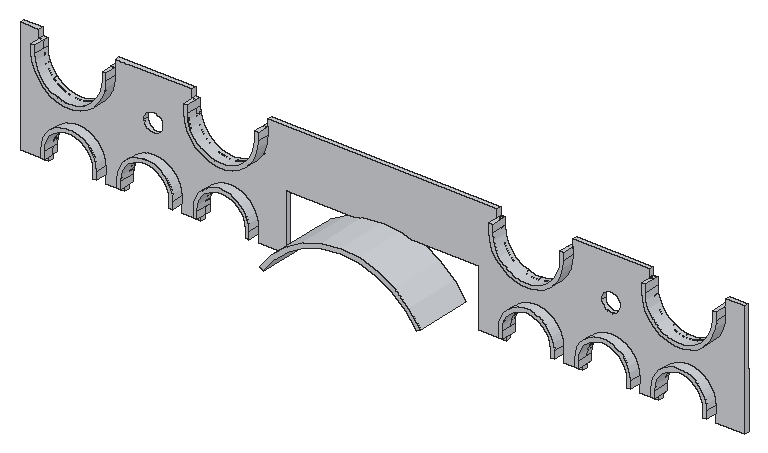
Revit family
Parameters
  URL = "www.siouxchief.com"
  Model = "521-111"
  Manufacturer = "Sioux Chief Manufacturing"
  Keynote = "Position Bracket"
  Description = "Position Bracket"
Reference planes (in)
  plane 1 "Center (Front/Back)": y = 0
  plane 2: z = 0
  plane 3 "Center (Left/Right)": x = 0
Forms (in)
  Extrusion 1, solid
    sketch origin (0, 0, 0) x (0, 0, 1) y (-1, 0, 0)
      loop
        line (0, 1.2575) -> (0.75, 1.2575) -> (0.75, -1.2575) -> (0, -1.2575) -> (0, -4.75) -> (1.5, -4.75) -> (1.5, 4.75) -> (0, 4.75) -> (0, 1.2575)
    from 0 to 0.059
  Extrusion 2, void
    sketch origin (0, 0, 0) x (0, 0, 1) y (-1, 0, 0)
      loop
        line (0.19722, 4.31795) -> (0.1, 4.31795) -> (0.1, 4.37645) -> (0, 4.37645) -> (0, 3.62645) -> (0.1, 3.62645) -> (0.1, 3.68495) -> (0.19722, 3.68495)
        arc (0.19722, 3.68495) -> (0.51372, 4.00145) -> (0.19722, 4.31795) r 0.3165
    from 0 to 0.1
  Extrusion 3, solid
    sketch origin (0, 0, 0) x (0, 0, 1) y (-1, 0, 0)
      loop
        arc (0.19722, 4.31795) -> (0.51372, 4.00145) -> (0.19722, 3.68495) r 0.3165
        line (0.19722, 3.68495) -> (0.1, 3.68495) -> (0.1, 3.63495) -> (0.19722, 3.63495)
        arc (0.19722, 3.63495) -> (0.56372, 4.00145) -> (0.19722, 4.36795) r 0.3665
        line (0.19722, 4.36795) -> (0.1, 4.36795) -> (0.1, 4.31795) -> (0.19722, 4.31795)
    from 0 to 0.2
  Extrusion 4, solid, not visible
    sketch origin (0, 0, 0) x (0, 0, 1) y (-1, 0, 0)
      loop
        circle (0.19722, 4.00145) r 0.3165
    from 0 to 0.1
  Extrusion 5, void
    sketch origin (0, 0, 0) x (0, 0, 1) y (-1, 0, 0)
      loop
        arc (1.30278, 4.44295) -> (0.86128, 4.00145) -> (1.30278, 3.55995) r 0.4415
        line (1.30278, 3.55995) -> (1.4, 3.55995) -> (1.4, 3.50145) -> (1.5, 3.50145) -> (1.5, 4.50145) -> (1.4, 4.50145) -> (1.4, 4.44295) -> (1.30278, 4.44295)
    from 0 to 0.1
  Extrusion 6, solid
    sketch origin (0, 0, 0) x (0, 0, 1) y (-1, 0, 0)
      loop
        line (1.4, 4.44295) -> (1.4, 4.49295) -> (1.30278, 4.49295)
        arc (1.30278, 4.49295) -> (0.81128, 4.00145) -> (1.30278, 3.50995) r 0.4915
        line (1.30278, 3.50995) -> (1.4, 3.50995) -> (1.4, 3.55995) -> (1.30278, 3.55995)
        arc (1.30278, 3.55995) -> (0.86128, 4.00145) -> (1.30278, 4.44295) r 0.4415
        line (1.30278, 4.44295) -> (1.4, 4.44295)
    from 0 to 0.2
  Extrusion 7, solid, not visible
    sketch origin (0, 0, 0) x (0, 0, 1) y (-1, 0, 0)
      loop
        circle (1.30278, 4.00145) r 0.4415
    from 0 to 0.1
  Extrusion 8, solid
    sketch origin (2, 0, 0) x (0, 0, 1) y (-1, 0, 0)
      loop
        arc (0.19722, 4.31795) -> (0.51372, 4.00145) -> (0.19722, 3.68495) r 0.3165
        line (0.19722, 3.68495) -> (0.1, 3.68495) -> (0.1, 3.63495) -> (0.19722, 3.63495)
        arc (0.19722, 3.63495) -> (0.56372, 4.00145) -> (0.19722, 4.36795) r 0.3665
        line (0.19722, 4.36795) -> (0.1, 4.36795) -> (0.1, 4.31795) -> (0.19722, 4.31795)
    from 0 to 0.2
  Extrusion 9, solid, not visible
    sketch origin (2, 0, 0) x (0, 0, 1) y (-1, 0, 0)
      loop
        circle (0.19722, 4.00145) r 0.3165
    from 0 to 0.1
  Extrusion 10, solid
    sketch origin (2, 0, 0) x (0, 0, 1) y (-1, 0, 0)
      loop
        line (1.4, 4.44295) -> (1.4, 4.49295) -> (1.30278, 4.49295)
        arc (1.30278, 4.49295) -> (0.81128, 4.00145) -> (1.30278, 3.50995) r 0.4915
        line (1.30278, 3.50995) -> (1.4, 3.50995) -> (1.4, 3.55995) -> (1.30278, 3.55995)
        arc (1.30278, 3.55995) -> (0.86128, 4.00145) -> (1.30278, 4.44295) r 0.4415
        line (1.30278, 4.44295) -> (1.4, 4.44295)
    from 0 to 0.2
  Extrusion 11, solid, not visible
    sketch origin (2, 0, 0) x (0, 0, 1) y (-1, 0, 0)
      loop
        circle (1.30278, 4.00145) r 0.4415
    from 0 to 0.1
  Extrusion 12, solid
    sketch origin (1, 0, 0) x (0, 0, 1) y (-1, 0, 0)
      loop
        arc (0.19722, 4.31795) -> (0.51372, 4.00145) -> (0.19722, 3.68495) r 0.3165
        line (0.19722, 3.68495) -> (0.1, 3.68495) -> (0.1, 3.63495) -> (0.19722, 3.63495)
        arc (0.19722, 3.63495) -> (0.56372, 4.00145) -> (0.19722, 4.36795) r 0.3665
        line (0.19722, 4.36795) -> (0.1, 4.36795) -> (0.1, 4.31795) -> (0.19722, 4.31795)
    from 0 to 0.2
  Extrusion 13, solid, not visible
    sketch origin (1, 0, 0) x (0, 0, 1) y (-1, 0, 0)
      loop
        circle (0.19722, 4.00145) r 0.3165
    from 0 to 0.1
  Extrusion 14, void
    sketch origin (0, 0, -0.37278) x (0, 0, 1) y (-1, 0, 0)
      loop
        circle (1.30278, 3.00145) r 0.125
    from 0 to 0.1
  Extrusion 15, solid
    sketch origin (0, 0, 0) x (0, 0, 1) y (-1, 0, 0)
      loop
        line (0.19722, -4.31795) -> (0.1, -4.31795) -> (0.1, -4.36795) -> (0.19722, -4.36795)
        arc (0.19722, -4.36795) -> (0.56372, -4.00145) -> (0.19722, -3.63495) r 0.3665
        line (0.19722, -3.63495) -> (0.1, -3.63495) -> (0.1, -3.68495) -> (0.19722, -3.68495)
        arc (0.19722, -3.68495) -> (0.51372, -4.00145) -> (0.19722, -4.31795) r 0.3165
    from 0 to 0.2
  Extrusion 16, solid, not visible
    sketch origin (0, 0, 0) x (0, 0, 1) y (-1, 0, 0)
      loop
        circle (0.19722, -4.00145) r 0.3165
    from 0 to 0.1
  Extrusion 17, solid
    sketch origin (0, 0, 0) x (0, 0, 1) y (-1, 0, 0)
      loop
        line (1.4, -4.44295) -> (1.30278, -4.44295)
        arc (1.30278, -4.44295) -> (0.86128, -4.00145) -> (1.30278, -3.55995) r 0.4415
        line (1.30278, -3.55995) -> (1.4, -3.55995) -> (1.4, -3.50995) -> (1.30278, -3.50995)
        arc (1.30278, -3.50995) -> (0.81128, -4.00145) -> (1.30278, -4.49295) r 0.4915
        line (1.30278, -4.49295) -> (1.4, -4.49295) -> (1.4, -4.44295)
    from 0 to 0.2
  Extrusion 18, solid, not visible
    sketch origin (0, 0, 0) x (0, 0, 1) y (-1, 0, 0)
      loop
        circle (1.30278, -4.00145) r 0.4415
    from 0 to 0.1
  Extrusion 19, solid
    sketch origin (-2, 0, 0) x (0, 0, 1) y (-1, 0, 0)
      loop
        line (0.19722, -4.31795) -> (0.1, -4.31795) -> (0.1, -4.36795) -> (0.19722, -4.36795)
        arc (0.19722, -4.36795) -> (0.56372, -4.00145) -> (0.19722, -3.63495) r 0.3665
        line (0.19722, -3.63495) -> (0.1, -3.63495) -> (0.1, -3.68495) -> (0.19722, -3.68495)
        arc (0.19722, -3.68495) -> (0.51372, -4.00145) -> (0.19722, -4.31795) r 0.3165
    from 0 to 0.2
  Extrusion 20, solid, not visible
    sketch origin (-2, 0, 0) x (0, 0, 1) y (-1, 0, 0)
      loop
        circle (0.19722, -4.00145) r 0.3165
    from 0 to 0.1
  Extrusion 21, solid
    sketch origin (-2, 0, 0) x (0, 0, 1) y (-1, 0, 0)
      loop
        line (1.4, -4.44295) -> (1.30278, -4.44295)
        arc (1.30278, -4.44295) -> (0.86128, -4.00145) -> (1.30278, -3.55995) r 0.4415
        line (1.30278, -3.55995) -> (1.4, -3.55995) -> (1.4, -3.50995) -> (1.30278, -3.50995)
        arc (1.30278, -3.50995) -> (0.81128, -4.00145) -> (1.30278, -4.49295) r 0.4915
        line (1.30278, -4.49295) -> (1.4, -4.49295) -> (1.4, -4.44295)
    from 0 to 0.2
  Extrusion 22, solid, not visible
    sketch origin (-2, 0, 0) x (0, 0, 1) y (-1, 0, 0)
      loop
        circle (1.30278, -4.00145) r 0.4415
    from 0 to 0.1
  Extrusion 23, solid
    sketch origin (-1, 0, 0) x (0, 0, 1) y (-1, 0, 0)
      loop
        line (0.19722, -4.31795) -> (0.1, -4.31795) -> (0.1, -4.36795) -> (0.19722, -4.36795)
        arc (0.19722, -4.36795) -> (0.56372, -4.00145) -> (0.19722, -3.63495) r 0.3665
        line (0.19722, -3.63495) -> (0.1, -3.63495) -> (0.1, -3.68495) -> (0.19722, -3.68495)
        arc (0.19722, -3.68495) -> (0.51372, -4.00145) -> (0.19722, -4.31795) r 0.3165
    from 0 to 0.2
  Extrusion 24, solid, not visible
    sketch origin (-1, 0, 0) x (0, 0, 1) y (-1, 0, 0)
      loop
        circle (0.19722, -4.00145) r 0.3165
    from 0 to 0.1
  Extrusion 25, void
    sketch origin (0, 0, -0.37278) x (0, 0, 1) y (-1, 0, 0)
      loop
        circle (1.30278, -3.00145) r 0.125
    from 0 to 0.1
  Extrusion 26, solid
    sketch origin (0, 0, 0) x (0, 0, 1) y (-1, 0, 0)
      loop
        arc (0.1936, 1) -> (0.75, 0) -> (0.1936, -1) r 1.17683
        line (0.1936, -1) -> (0.22523, -1.05098)
        arc (0.22523, -1.05098) -> (0.81, 0) -> (0.22523, 1.05098) r 1.23683
        line (0.22523, 1.05098) -> (0.1936, 1)
    from 0 to 0.75
  Extrusion 27, solid, not visible
    sketch origin (0, 0, -1.09375) x (0, 0, 1) y (-1, 0, 0)
      loop
        circle (0.65575, 0) r 1
    from 0 to 0.1
  Extrusion 28, void
    sketch origin (2, 0, 0) x (0, 0, 1) y (-1, 0, 0)
      loop
        line (0.19722, 4.31795) -> (0.1, 4.31795) -> (0.1, 4.37645) -> (0, 4.37645) -> (0, 3.62645) -> (0.1, 3.62645) -> (0.1, 3.68495) -> (0.19722, 3.68495)
        arc (0.19722, 3.68495) -> (0.51372, 4.00145) -> (0.19722, 4.31795) r 0.3165
    from 0 to 0.1
  Extrusion 29, void
    sketch origin (2, 0, 0) x (0, 0, 1) y (-1, 0, 0)
      loop
        arc (1.30278, 4.44295) -> (0.86128, 4.00145) -> (1.30278, 3.55995) r 0.4415
        line (1.30278, 3.55995) -> (1.4, 3.55995) -> (1.4, 3.50145) -> (1.5, 3.50145) -> (1.5, 4.50145) -> (1.4, 4.50145) -> (1.4, 4.44295) -> (1.30278, 4.44295)
    from 0 to 0.1
  Extrusion 30, void
    sketch origin (1, 0, 0) x (0, 0, 1) y (-1, 0, 0)
      loop
        line (0.19722, 4.31795) -> (0.1, 4.31795) -> (0.1, 4.37645) -> (0, 4.37645) -> (0, 3.62645) -> (0.1, 3.62645) -> (0.1, 3.68495) -> (0.19722, 3.68495)
        arc (0.19722, 3.68495) -> (0.51372, 4.00145) -> (0.19722, 4.31795) r 0.3165
    from 0 to 0.1
  Extrusion 31, void
    sketch origin (0, 0, 0) x (0, 0, 1) y (-1, 0, 0)
      loop
        arc (0.19722, -4.31795) -> (0.51372, -4.00145) -> (0.19722, -3.68495) r 0.3165
        line (0.19722, -3.68495) -> (0.1, -3.68495) -> (0.1, -3.62645) -> (0, -3.62645) -> (0, -4.37645) -> (0.1, -4.37645) -> (0.1, -4.31795) -> (0.19722, -4.31795)
    from 0 to 0.1
  Extrusion 32, void
    sketch origin (0, 0, 0) x (0, 0, 1) y (-1, 0, 0)
      loop
        line (1.30278, -4.44295) -> (1.4, -4.44295) -> (1.4, -4.50145) -> (1.5, -4.50145) -> (1.5, -3.50145) -> (1.4, -3.50145) -> (1.4, -3.55995) -> (1.30278, -3.55995)
        arc (1.30278, -3.55995) -> (0.86128, -4.00145) -> (1.30278, -4.44295) r 0.4415
    from 0 to 0.1
  Extrusion 33, void
    sketch origin (-2, 0, 0) x (0, 0, 1) y (-1, 0, 0)
      loop
        arc (0.19722, -4.31795) -> (0.51372, -4.00145) -> (0.19722, -3.68495) r 0.3165
        line (0.19722, -3.68495) -> (0.1, -3.68495) -> (0.1, -3.62645) -> (0, -3.62645) -> (0, -4.37645) -> (0.1, -4.37645) -> (0.1, -4.31795) -> (0.19722, -4.31795)
    from 0 to 0.1
  Extrusion 34, void
    sketch origin (-2, 0, 0) x (0, 0, 1) y (-1, 0, 0)
      loop
        line (1.30278, -4.44295) -> (1.4, -4.44295) -> (1.4, -4.50145) -> (1.5, -4.50145) -> (1.5, -3.50145) -> (1.4, -3.50145) -> (1.4, -3.55995) -> (1.30278, -3.55995)
        arc (1.30278, -3.55995) -> (0.86128, -4.00145) -> (1.30278, -4.44295) r 0.4415
    from 0 to 0.1
  Extrusion 35, void
    sketch origin (-1, 0, 0) x (0, 0, 1) y (-1, 0, 0)
      loop
        arc (0.19722, -4.31795) -> (0.51372, -4.00145) -> (0.19722, -3.68495) r 0.3165
        line (0.19722, -3.68495) -> (0.1, -3.68495) -> (0.1, -3.62645) -> (0, -3.62645) -> (0, -4.37645) -> (0.1, -4.37645) -> (0.1, -4.31795) -> (0.19722, -4.31795)
    from 0 to 0.1
Cuts and joins
  Extrusion 2, Extrusion 5, Extrusion 14, Extrusion 25, Extrusion 28, Extrusion 29, Extrusion 30, Extrusion 31, Extrusion 32, Extrusion 33, Extrusion 34, Extrusion 35 cuts Extrusion 1
  Extrusion 28, Extrusion 30, Extrusion 31 cuts Extrusion 3
  Extrusion 28, Extrusion 30, Extrusion 31 cuts Extrusion 4
  Extrusion 29, Extrusion 32 cuts Extrusion 6
  Extrusion 29, Extrusion 32 cuts Extrusion 7
  Extrusion 33 cuts Extrusion 8
  Extrusion 33 cuts Extrusion 9
  Extrusion 34 cuts Extrusion 10
  Extrusion 34 cuts Extrusion 11
  Extrusion 35 cuts Extrusion 12
  Extrusion 35 cuts Extrusion 13
Dimensions and locks (in)
  aligned and locked: plane 2 to level
  aligned and locked: Extrusion 3 sketch curve to Extrusion 3 sketch curve
  aligned and locked: Extrusion 3 sketch curve to cut or joined group 1 (Extrusion 1, Extrusion 2, Extrusion 5, Extrusion 14, Extrusion 25, Extrusion 28, Extrusion 29, Extrusion 30, Extrusion 31, Extrusion 32, Extrusion 33, Extrusion 34, Extrusion 35)
  aligned and locked: Extrusion 6 sketch curve to cut or joined group 1
  aligned and locked: Extrusion 6 sketch curve to Extrusion 6 sketch curve
  aligned and locked: Extrusion 8 sketch curve to Extrusion 8 sketch curve
  aligned and locked: Extrusion 10 sketch curve to Extrusion 10 sketch curve
  aligned and locked: Extrusion 12 sketch curve to Extrusion 12 sketch curve
  aligned and locked: Extrusion 15 sketch curve to Extrusion 15 sketch curve
  aligned and locked: Extrusion 17 sketch curve to Extrusion 17 sketch curve
  aligned and locked: Extrusion 19 sketch curve to Extrusion 19 sketch curve
  aligned and locked: Extrusion 21 sketch curve to Extrusion 21 sketch curve
  aligned and locked: Extrusion 23 sketch curve to Extrusion 23 sketch curve
Connectors (in)
  piping at (-4.00145, -0.1, 1.30278)
    settings: on Extrusion 7, index 1, connector radius 0.38", flow factor 0, pipe flow 0 GPM, pressure drop 0.00 psi, fitting loss kfactor 0, connector angle 0.00°, fixture units 0, flow configuration 0, flow direction 0, fitting loss method 0, system type 22, connector reference index 2, connector utility 0, adjustable connector no, is connector primary yes, fitting loss table "", connector description ""
  piping at (-4.00145, 0, 1.30278)
    settings: on Extrusion 7, index 2, connector radius 0.38", flow factor 0, pipe flow 0 GPM, pressure drop 0.00 psi, fitting loss kfactor 0, connector angle 0.00°, fixture units 0, flow configuration 0, flow direction 0, fitting loss method 0, system type 22, connector reference index 1, connector utility 0, adjustable connector no, is connector primary no, fitting loss table "", connector description ""
  piping at (-2.00145, 0, 1.30278)
    settings: on Extrusion 11, index 3, connector radius 0.38", flow factor 0, pipe flow 0 GPM, pressure drop 0.00 psi, fitting loss kfactor 0, connector angle 0.00°, fixture units 0, flow configuration 0, flow direction 0, fitting loss method 0, system type 22, connector reference index 4, connector utility 0, adjustable connector no, is connector primary no, fitting loss table "", connector description ""
  piping at (-2.00145, -0.1, 1.30278)
    settings: on Extrusion 11, index 4, connector radius 0.38", flow factor 0, pipe flow 0 GPM, pressure drop 0.00 psi, fitting loss kfactor 0, connector angle 0.00°, fixture units 0, flow configuration 0, flow direction 0, fitting loss method 0, system type 22, connector reference index 3, connector utility 0, adjustable connector no, is connector primary no, fitting loss table "", connector description ""
  piping at (-3.00145, 0, 0.19722)
    settings: on Extrusion 13, index 5, connector radius 1/4", flow factor 0, pipe flow 0 GPM, pressure drop 0.00 psi, fitting loss kfactor 0, connector angle 0.00°, fixture units 0, flow configuration 0, flow direction 0, fitting loss method 0, system type 22, connector reference index 6, connector utility 0, adjustable connector no, is connector primary no, fitting loss table "", connector description ""
  piping at (-3.00145, -0.1, 0.19722)
    settings: on Extrusion 13, index 6, connector radius 1/4", flow factor 0, pipe flow 0 GPM, pressure drop 0.00 psi, fitting loss kfactor 0, connector angle 0.00°, fixture units 0, flow configuration 0, flow direction 0, fitting loss method 0, system type 22, connector reference index 5, connector utility 0, adjustable connector no, is connector primary no, fitting loss table "", connector description ""
  piping at (-4.00145, 0, 0.19722)
    settings: on Extrusion 4, index 7, connector radius 1/4", flow factor 0, pipe flow 0 GPM, pressure drop 0.00 psi, fitting loss kfactor 0, connector angle 0.00°, fixture units 0, flow configuration 0, flow direction 0, fitting loss method 0, system type 22, connector reference index 8, connector utility 0, adjustable connector no, is connector primary no, fitting loss table "", connector description ""
  piping at (-4.00145, -0.1, 0.19722)
    settings: on Extrusion 4, index 8, connector radius 1/4", flow factor 0, pipe flow 0 GPM, pressure drop 0.00 psi, fitting loss kfactor 0, connector angle 0.00°, fixture units 0, flow configuration 0, flow direction 0, fitting loss method 0, system type 22, connector reference index 7, connector utility 0, adjustable connector no, is connector primary no, fitting loss table "", connector description ""
  piping at (-2.00145, -0.1, 0.19722)
    settings: on Extrusion 9, index 9, connector radius 1/4", flow factor 0, pipe flow 0 GPM, pressure drop 0.00 psi, fitting loss kfactor 0, connector angle 0.00°, fixture units 0, flow configuration 0, flow direction 0, fitting loss method 0, system type 22, connector reference index 10, connector utility 0, adjustable connector no, is connector primary no, fitting loss table "", connector description ""
  piping at (-2.00145, 0, 0.19722)
    settings: on Extrusion 9, index 10, connector radius 1/4", flow factor 0, pipe flow 0 GPM, pressure drop 0.00 psi, fitting loss kfactor 0, connector angle 0.00°, fixture units 0, flow configuration 0, flow direction 0, fitting loss method 0, system type 22, connector reference index 9, connector utility 0, adjustable connector no, is connector primary no, fitting loss table "", connector description ""
  piping at (0, -0.1, -0.438)
    settings: on Extrusion 27, index 11, connector radius 1", flow factor 0, pipe flow 0 GPM, pressure drop 0.00 psi, fitting loss kfactor 0, connector angle 0.00°, fixture units 0, flow configuration 0, flow direction 0, fitting loss method 0, system type 22, connector reference index 12, connector utility 0, adjustable connector no, is connector primary no, fitting loss table "", connector description ""
  piping at (0, 0, -0.438)
    settings: on Extrusion 27, index 12, connector radius 1", flow factor 0, pipe flow 0 GPM, pressure drop 0.00 psi, fitting loss kfactor 0, connector angle 0.00°, fixture units 0, flow configuration 0, flow direction 0, fitting loss method 0, system type 22, connector reference index 11, connector utility 0, adjustable connector no, is connector primary no, fitting loss table "", connector description ""
  piping at (4.00145, -0.1, 1.30278)
    settings: on Extrusion 18, index 13, connector radius 0.38", flow factor 0, pipe flow 0 GPM, pressure drop 0.00 psi, fitting loss kfactor 0, connector angle 0.00°, fixture units 0, flow configuration 0, flow direction 0, fitting loss method 0, system type 22, connector reference index 14, connector utility 0, adjustable connector no, is connector primary no, fitting loss table "", connector description ""
  piping at (4.00145, 0, 1.30278)
    settings: on Extrusion 18, index 14, connector radius 0.38", flow factor 0, pipe flow 0 GPM, pressure drop 0.00 psi, fitting loss kfactor 0, connector angle 0.00°, fixture units 0, flow configuration 0, flow direction 0, fitting loss method 0, system type 22, connector reference index 13, connector utility 0, adjustable connector no, is connector primary no, fitting loss table "", connector description ""
  piping at (2.00145, 0, 1.30278)
    settings: on Extrusion 22, index 15, connector radius 0.38", flow factor 0, pipe flow 0 GPM, pressure drop 0.00 psi, fitting loss kfactor 0, connector angle 0.00°, fixture units 0, flow configuration 0, flow direction 0, fitting loss method 0, system type 22, connector reference index 16, connector utility 0, adjustable connector no, is connector primary no, fitting loss table "", connector description ""
  piping at (2.00145, -0.1, 1.30278)
    settings: on Extrusion 22, index 16, connector radius 0.38", flow factor 0, pipe flow 0 GPM, pressure drop 0.00 psi, fitting loss kfactor 0, connector angle 0.00°, fixture units 0, flow configuration 0, flow direction 0, fitting loss method 0, system type 22, connector reference index 15, connector utility 0, adjustable connector no, is connector primary no, fitting loss table "", connector description ""
  piping at (4.00145, -0.1, 0.19722)
    settings: on Extrusion 16, index 17, connector radius 1/4", flow factor 0, pipe flow 0 GPM, pressure drop 0.00 psi, fitting loss kfactor 0, connector angle 0.00°, fixture units 0, flow configuration 0, flow direction 0, fitting loss method 0, system type 22, connector reference index 18, connector utility 0, adjustable connector no, is connector primary no, fitting loss table "", connector description ""
  piping at (4.00145, 0, 0.19722)
    settings: on Extrusion 16, index 18, connector radius 1/4", flow factor 0, pipe flow 0 GPM, pressure drop 0.00 psi, fitting loss kfactor 0, connector angle 0.00°, fixture units 0, flow configuration 0, flow direction 0, fitting loss method 0, system type 22, connector reference index 17, connector utility 0, adjustable connector no, is connector primary no, fitting loss table "", connector description ""
  piping at (3.00145, -0.1, 0.19722)
    settings: on Extrusion 24, index 19, connector radius 1/4", flow factor 0, pipe flow 0 GPM, pressure drop 0.00 psi, fitting loss kfactor 0, connector angle 0.00°, fixture units 0, flow configuration 0, flow direction 0, fitting loss method 0, system type 22, connector reference index 20, connector utility 0, adjustable connector no, is connector primary no, fitting loss table "", connector description ""
  piping at (3.00145, 0, 0.19722)
    settings: on Extrusion 24, index 20, connector radius 1/4", flow factor 0, pipe flow 0 GPM, pressure drop 0.00 psi, fitting loss kfactor 0, connector angle 0.00°, fixture units 0, flow configuration 0, flow direction 0, fitting loss method 0, system type 22, connector reference index 19, connector utility 0, adjustable connector no, is connector primary no, fitting loss table "", connector description ""
  piping at (2.00145, -0.1, 0.19722)
    settings: on Extrusion 20, index 21, connector radius 1/4", flow factor 0, pipe flow 0 GPM, pressure drop 0.00 psi, fitting loss kfactor 0, connector angle 0.00°, fixture units 0, flow configuration 0, flow direction 0, fitting loss method 0, system type 22, connector reference index 22, connector utility 0, adjustable connector no, is connector primary no, fitting loss table "", connector description ""
  piping at (2.00145, 0, 0.19722)
    settings: on Extrusion 20, index 22, connector radius 1/4", flow factor 0, pipe flow 0 GPM, pressure drop 0.00 psi, fitting loss kfactor 0, connector angle 0.00°, fixture units 0, flow configuration 0, flow direction 0, fitting loss method 0, system type 22, connector reference index 21, connector utility 0, adjustable connector no, is connector primary no, fitting loss table "", connector description ""
